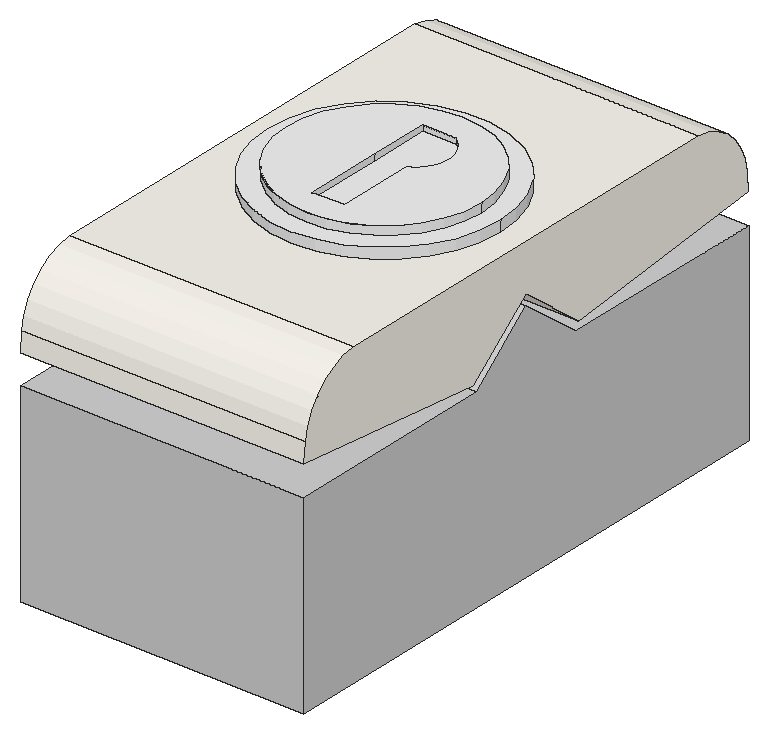
Revit family "Domotics-DomesticRanges-GEWISS-CHORUS_COMMAND-TWO-WAY_SWITCH_KEY", category Apparecchi elettrici, host Superficie, Revit 2016
Family settings
  Host = Superficie
  Mantenere orientamento annotazione = Sì
  Tipo di parte = Normale
  Quota connettore circolare = Usa diametro
  Numero OmniClass = 23.80.50.11.14
  Titolo OmniClass = Switches
  Taglio con vuoti quando caricato = Sì
  Condiviso = Sì
  Punto di calcolo locali = No
Parameters (values of type "GW14054 - Titanium")
  Wiring terminals = "With screw"
  Voltage: = "250 V ac"
  Voltage = "250 V ac"
  Volt = 0 V
  Vista di pianta [instance] = yes
  Version file RFA = "19.0"
  URL = "https://www.gewiss.com/ww/en"
  Type = "With key"
  Tipo_ = CHORUS DEVIATORI CHIAVE_BASE : GW14061 - Titanio
  Thermo-pressure with ball = "125 °C"
  Terminal tightening capacity rigid cables (mm2) = "min. 0,5 - max. 2x2,5"
  Terminal tightening capacity flexible cables (mm2) = "min. 0,75 - max. 2x4"
  Terminal grip on cable traction = "> 50 N"
  Technical sheet = "https://www.gewiss.com/ww/en/search?q=GW14054"
  Standard; = "EN 60669-1"
  Simbolo_ = SIMBOLO DEVIATORI : DEVCHIAVE
  SIMBOLO [instance] = yes
  SEO = "2 way switch"
  Resistance at test voltage = "2000 V at 50 Hz for 1 minute"
  Realized by GEWISS S.p.A. = ""
  Prolonged operation (no.of position changes) = "40.000 at In 250 V ac cosØ=0,6"
  Produttore = "GEWISS S.p.A."
  Offset deviatore [instance] = 0 mm
  Offset bidimensionalex [instance] = 2 mm
  Number of poles = "1P"
  No. Chorus modules = "1"
  N. poli = 1
  Modello = "GW14054"
  Larghezza pulsante = 23 mm
  Insulation resistance = "> 5 MOhm"
  IFC.TypeObject = ""
  IFC.ExportType = ""
  IFC.ExportAs = ""
  IDT = "87a1b13b-5b5d-48cb-a79c-a5601666f571"
  IDF = "88627a10-5ec9-49c3-962b-3012fe1a470f"
  Glow Wire Test = "850°C"
  Electrocod = "0130"
  EAN code = "8011564265578"
  Distanza_x [instance] = 0 mm
  Distanza_effettiva_x [instance] = 1500 mm - Distanza_x  # 1500 mm
  Default Elevation = 1219.2 mm
  Immagine tipo = GW14054.jpg
  Descrizione = "2-WAY SWITCH 1M 1P 10AX+KEY, TITANIUM"
  Description: = "1P - 10AX"
  Colour = "Titanium"
  Category = "Two-way switch"
  Catalogue Range = "CHORUS - DOMESTIC RANGE"
  Catalogue = "DOMOTICS"
  Carico apparente = 0 VA
  COBie.Tagnumber = ""
  COBie.CreatedOn = ""
  COBie.CreatebBy = ""
  COBie.ComponentRegisterItemID = ""
  COBie.Component.TagNumber = ""
  COBie.Component.Space = ""
  COBie.Component.SerialNumber = ""
  COBie.Component.InstallationDate = ""
  COBie.Component.Description = ""
  COBie.Component.BarCode = ""
  Button key = "With key"
  Breaking capacity: = "1.25 In (200 position changes)"
Types (3, lengths in mm): name | Tipo_ | Technical sheet | Modello | IDT | EAN code | Immagine tipo | Descrizione | Colour
  GW12054 - Black | CHORUS DEVIATORI CHIAVE_BASE : GW12061 - Nero | "https://www.gewiss.com/ww/en/search?q=GW12054" | "GW12054" | "c85e47f2-9299-41f1-91f6-f7d2f65b9a58" | "8011564268036" | GW12054.jpg | "2-WAY SWITCH, 1M 1P 10AX+KEY, BLACK" | "Black"
  GW10054 - White | CHORUS DEVIATORI CHIAVE_BASE : GW10061 - Bianco | "https://www.gewiss.com/ww/en/search?q=GW10054" | "GW10054" | "c5345c29-9258-448f-89d3-aae504658829" | "8011564261822" | GW10054.jpg | "2-WAY SWITCH, 1M 1P 10AX + KEY, WHITE" | "White"
  GW14054 - Titanium | CHORUS DEVIATORI CHIAVE_BASE : GW14061 - Titanio | "https://www.gewiss.com/ww/en/search?q=GW14054" | "GW14054" | "87a1b13b-5b5d-48cb-a79c-a5601666f571" | "8011564265578" | GW14054.jpg | "2-WAY SWITCH 1M 1P 10AX+KEY, TITANIUM" | "Titanium"
Reference planes
  plane 1 "Centro (Fronte/Retro)": y = 0
  plane 2: z = 0
  plane 3 "Centro (Sinistra/Destra)": x = 0
  plane 4: z = 0
  plane 5 "piano bidimensionale": z = 28
  plane 6: x = -11.5
  plane 7: x = 11.5
  plane 8: z = 26
  plane 9: x = -1500
  plane 10: x = 0
  plane 11: y = 50
Lines and regions (mm)
  Masking region 1, visible <- "Vista di pianta"
    outline origin (0, 0, 0) x (1, 0, 0) y (0, 0, 1)
      loop
        line (-11.5, 26) -> (-11.5, 0) -> (11.5, 0) -> (11.5, 26) -> (-11.5, 26)
  Masking region 2, detail levels coarse
    outline origin (0, 0, 28) x (0, -1, 0) y (1, 0, 0)
      loop
        line (-22.5, -11.5) -> (22.5, -11.5) -> (22.5, 11.5) -> (-22.5, 11.5) -> (-22.5, -11.5)
  model lines, style "pulsanti", detail levels coarse
    curve 1: line (-11.5, 22.5, 28) -> (11.5, 22.5, 28)
    curve 2: line (-11.5, -22.5, 28) -> (-11.5, 22.5, 28)
    curve 3: line (11.5, -22.5, 28) -> (-11.5, -22.5, 28)
    curve 4: line (11.5, 22.5, 28) -> (11.5, -22.5, 28)
    curve 5: arc (-9.447, 0, 28) -> (0, -9.447, 28) -> (9.447, 0, 28) r 9.447
    curve 6: arc (-7.891, 0, 28) -> (0, -7.891, 28) -> (7.891, 0, 28) r 7.891
    curve 7: arc (7.891, 0, 28) -> (0, 7.891, 28) -> (-7.891, 0, 28) r 7.891
    curve 8: arc (9.447, 0, 28) -> (0, 9.447, 28) -> (-9.447, 0, 28) r 9.447
    curve 9: arc (1.321, 0.666, 28) -> (2.778, 3.111, 28) -> (1.32, 5.555, 28) r 2.778
    curve 10: line (1.32, 5.555, 28) -> (-1.32, 5.555, 28)
    curve 11: line (-1.32, 5.555, 28) -> (-1.32, 0.665, 28)
    curve 12: line (-1.32, 0.665, 28) -> (-1.32, -5.649, 28)
    curve 13: line (1.321, -5.649, 28) -> (1.321, 0.666, 28)
    curve 14: line (-1.32, -5.649, 28) -> (1.321, -5.649, 28)
  model lines, style "pulsanti", not visible, detail levels coarse
    curve 15: line (-11.5, 22.5, 58) -> (11.5, 22.5, 58)
    curve 16: line (-11.5, -22.5, 58) -> (-11.5, 22.5, 58)
    curve 17: line (11.5, -22.5, 58) -> (-11.5, -22.5, 58)
    curve 18: line (11.5, 22.5, 58) -> (11.5, -22.5, 58)
    curve 19: arc (-9.447, 0, 58) -> (0, -9.447, 58) -> (9.447, 0, 58) r 9.447
    curve 20: arc (-7.891, 0, 58) -> (0, -7.891, 58) -> (7.891, 0, 58) r 7.891
    curve 21: arc (7.891, 0, 58) -> (0, 7.891, 58) -> (-7.891, 0, 58) r 7.891
    curve 22: arc (9.447, 0, 58) -> (0, 9.447, 58) -> (-9.447, 0, 58) r 9.447
    curve 23: arc (1.321, 0.666, 58) -> (2.778, 3.111, 58) -> (1.32, 5.555, 58) r 2.778
    curve 24: line (1.32, 5.555, 58) -> (-1.32, 5.555, 58)
    curve 25: line (-1.32, 5.555, 58) -> (-1.32, 0.665, 58)
    curve 26: line (-1.32, 0.665, 58) -> (-1.32, -5.649, 58)
    curve 27: line (1.321, -5.649, 58) -> (1.321, 0.666, 58)
    curve 28: line (-1.32, -5.649, 58) -> (1.321, -5.649, 58)
Dimensions and locks
  "Offset deviatore": plane 4 to host face
  equal spacing: plane 6, plane 3 "Centro (Sinistra/Destra)", plane 7
  "Larghezza pulsante": plane 6 to plane 7
  locked: plane 8 to plane 4 at 26
  plane 9 to plane 3 "Centro (Sinistra/Destra)" = 1500 mm
  "Distanza_effettiva_x": plane 9 to plane 10
  plane 11 to plane 1 "Centro (Fronte/Retro)" = 50 mm
  "Offset bidimensionalex": plane 5 "piano bidimensionale" to plane 8
  aligned and locked: plane 2 to host face
  aligned and locked: level to host face
  aligned and locked: plane 5 "piano bidimensionale" to curve 4
  aligned and locked: nested 1 to plane 4
  aligned and locked: Masking region 1 sketch curve to plane 8
  aligned and locked: Masking region 1 sketch curve to nested 1
  aligned and locked: plane 6 to Masking region 1 sketch curve
  aligned and locked: plane 4 to Masking region 1 sketch curve
  aligned and locked: plane 10 to nested 2
  aligned and locked: nested 2 to plane 11
  aligned and locked: Masking region 2 sketch curve to plane 6
  aligned and locked: Masking region 2 sketch curve to plane 7
  aligned and locked: Masking region 2 sketch curve to nested 1  (x2)
Automatic sketch dimensions
  host sketch curve to host sketch curve = 2438.4 mm  (x2)
Nested families
  nested 1: "CHORUS DEVIATORI CHIAVE_BASE" at (0, 0, 0), type <- "Tipo_", type "GW14061 - Titanio", detail levels medium+fine
  nested 2: "SIMBOLO DEVIATORI" at (0, 50, 0), type <- "Simbolo_", SIMBOLO <- "SIMBOLO", type "DEVCHIAVE"
    with Distanza dal muro 4.208 mm, BORDO ACCESO yes
Connectors
  electrical at (0, 0, 0), driven by "N. poli", driven by "Volt", driven by "Carico apparente"
    settings: on nested 1, index 1, voltage 0 V, apparent load 0 VA, apparent load phase1 0 VA, apparent load phase2 0 VA, apparent load phase3 0 VA, power factor 1, load classification "Other", number of poles 1, system type 31, power factor state 1, is connector primary yes, connector utility no, sub classification motor no, connector description ""
Definition of nested family "CHORUS DEVIATORI CHIAVE_BASE"
  Parameters (values of type "GW12061 - Nero")
    Supporto = none
    Pulsante = none
    Profondità suporto = 15.673 mm
    Larghezza pulsante = 23 mm
    Chiave = none
    Bidimensionale = 36.414 mm
    Altezza pulsante = 45 mm
  Types (3): name
    GW12061 - Nero
    GW14061 - Titanio
    GW10061 - Bianco
  Reference planes
    plane 1 "Centro (Fronte/Retro)": y = 0
    plane 2: z = 0
    plane 3 "Centro (Sinistra/Destra)": x = 0
    plane 4: y = -22.5
    plane 5: y = 22.5
    plane 6: x = -11.5
    plane 7: x = 11.5
    plane 8: z = 15.673
    plane 9 "PIANO BIDIMENSIONALE": z = 36.414
    plane 10: z = 25.218
  Forms (mm)
    Extrusion 1, solid, material <- "Supporto"
      sketch origin (0, 0, 0) x (0, 1, 0) y (0, 0, 1)
        loop
          line (-22.5, 0) -> (22.5, 0) -> (22.5, 15.673) -> (5, 15.673) -> (0, 19.673) -> (-5, 15.673) -> (-22.5, 15.673) -> (-22.5, 0)
      from -11.5 to 11.5
    Extrusion 2, solid, material <- "Pulsante"
      sketch origin (0, -1.516, 0.116) x (0, 0.994522, -0.104528) y (0, 0.104528, 0.994522)
        loop
          line (-22.747, 15.673) -> (-5.514, 15.673) -> (-0.63, 20.499) -> (5.151, 16.793) -> (22.007, 20.376) -> (21.688, 21.878)
          arc (21.688, 21.878) -> (19.794, 24.951) -> (16.382, 26.13) r 5.368
          arc (16.382, 26.13) -> (-1.116, 25.123) -> (-18.441, 22.47) r 185.543
          arc (-18.441, 22.47) -> (-21.533, 20.607) -> (-22.747, 17.207) r 5.368
          line (-22.747, 17.207) -> (-22.747, 15.673)
      from -11.5 to 11.5
    Extrusion 3, solid, material <- "Pulsante", not visible, detail levels medium+fine
      sketch origin (0, 0, 0) x (0, 1, 0) y (0, 0, 1)
        loop
          line (-22.5, 15.673) -> (-5.8, 15.673) -> (0, 20.313) -> (6.657, 17.02) -> (22.519, 20.482) -> (22.148, 22.183)
          arc (22.148, 22.183) -> (19.948, 25.458) -> (16.125, 26.433) r 5.53
          arc (16.125, 26.433) -> (-1.159, 25.53) -> (-18.194, 22.47) r 137.99
          arc (-18.194, 22.47) -> (-21.286, 20.607) -> (-22.5, 17.207) r 5.368
          line (-22.5, 17.207) -> (-22.5, 15.673)
      from -11.5 to 11.5
    Extrusion 4, void, not visible, detail levels medium+fine
      sketch origin (0, 0, 0) x (0, 1, 0) y (0, 0, 1)
        loop
          arc (-20, 19.947) -> (-16.844, 20.738) -> (-13.67, 21.455) r 135.99
          line (-13.67, 21.455) -> (-13.67, 23.499)
          arc (-13.67, 23.499) -> (-15.936, 23.003) -> (-18.194, 22.47) r 137.99
          arc (-18.194, 22.47) -> (-19.13, 22.19) -> (-20, 21.745) r 5.368
          line (-20, 21.745) -> (-20, 19.947)
      from 3.779 to 10.113
    Extrusion 5, solid, material <- "Pulsante", not visible, detail levels medium+fine
      sketch origin (0, -125, 0) x (0, 1, 0) y (0, 0, 1)
        loop
          line (-22.5, 15.673) -> (-5.8, 15.673) -> (0, 20.313) -> (6.657, 17.02) -> (22.519, 20.482) -> (22.148, 22.183)
          arc (22.148, 22.183) -> (19.948, 25.458) -> (16.125, 26.433) r 5.53
          arc (16.125, 26.433) -> (-1.159, 25.53) -> (-18.194, 22.47) r 137.99
          arc (-18.194, 22.47) -> (-21.286, 20.607) -> (-22.5, 17.207) r 5.368
          line (-22.5, 17.207) -> (-22.5, 15.673)
      from -11.5 to 11.5
    Extrusion 6, void, not visible
      sketch origin (0, -125, 0) x (0, 1, 0) y (0, 0, 1)
        loop
          arc (-6.8, 24.76) -> (-12.521, 23.735) -> (-18.194, 22.47) r 137.99
          arc (-18.194, 22.47) -> (-19.13, 22.19) -> (-20, 21.745) r 5.368
          line (-20, 21.745) -> (-20, 19.947)
          arc (-20, 19.947) -> (-13.435, 21.505) -> (-6.8, 22.735) r 135.99
          line (-6.8, 22.735) -> (-6.8, 24.76)
      from 5.4 to 8.1
    Extrusion 7, solid, not visible, detail levels medium+fine
      sketch origin (0, -125, 0) x (0, 1, 0) y (0, 0, 1)
        loop
          arc (-20, 19.947) -> (-13.435, 21.505) -> (-6.8, 22.735) r 135.99
          line (-6.8, 22.735) -> (-6.8, 23.748)
          arc (-6.8, 23.748) -> (-13.434, 22.527) -> (-20, 20.98) r 136.99
          line (-20, 20.98) -> (-20, 19.947)
      from 5.4 to 8.1
    Extrusion 8, solid, material <- "Chiave", detail levels medium+fine
      sketch origin (0, 0, 36.414) x (-1, 0, 0) y (0, -1, 0)
        loop
          circle (0, 0) r 9.447
      from -13.105 to -11.196
    Extrusion 9, solid, material <- "Chiave"
      sketch origin (0, 0, 36.414) x (-1, 0, 0) y (0, -1, 0)
        loop
          circle (0, 0) r 7.891
      from -11.196 to -10.5
    Extrusion 10, void, detail levels medium+fine
      sketch origin (0, 0, 36.414) x (-1, 0, 0) y (0, -1, 0)
        loop
          line (-1.321, 5.649) -> (-1.321, -0.666)
          arc (-1.321, -0.666) -> (-2.778, -3.111) -> (-1.32, -5.555) r 2.778
          line (-1.32, -5.555) -> (1.32, -5.555) -> (1.32, -0.665) -> (1.32, 5.649) -> (-1.321, 5.649)
      from -10.942 to -10.5
    Extrusion 11, solid, material <- "Chiave", not visible
      sketch origin (0, 0, 36.414) x (-1, 0, 0) y (0, -1, 0)
        loop
          circle (0, 0) r 9.447
      from -13.105 to -11.196
    Extrusion 12, solid, material <- "Chiave", not visible
      sketch origin (0, 0, 36.414) x (-1, 0, 0) y (0, -1, 0)
        loop
          circle (0, 0) r 7.891
      from -11.196 to -10.5
    Extrusion 13, void, not visible
      sketch origin (0, 0, 36.414) x (-1, 0, 0) y (0, -1, 0)
        loop
          line (-1.321, 5.649) -> (-1.321, -0.666)
          arc (-1.321, -0.666) -> (-2.778, -3.111) -> (-1.32, -5.555) r 2.778
          line (-1.32, -5.555) -> (1.32, -5.555) -> (1.32, -0.665) -> (1.32, 5.649) -> (-1.321, 5.649)
      from -10.566 to -10
  Cuts and joins
    Extrusion 10 cuts Extrusion 9
  Lines and regions (mm)
    Masking region 1, not visible
      outline origin (40.306, 0, 36.414) x (-1, 0, 0) y (0, -1, 0)
        loop
          line (51.806, -22.5) -> (51.806, 22.5) -> (28.806, 22.5) -> (28.806, -22.5) -> (51.806, -22.5)
        loop
          line (34.906, 6.8) -> (34.906, 20) -> (32.206, 20) -> (32.206, 6.8) -> (34.906, 6.8)
    Masking region 2, not visible
      outline origin (40.306, 0, 36.414) x (-1, 0, 0) y (0, -1, 0)
        loop
          line (34.906, 6.8) -> (34.906, 20) -> (32.206, 20) -> (32.206, 6.8) -> (34.906, 6.8)
    Masking region 3, not visible
      outline origin (0, 0, 36.414) x (-1, 0, 0) y (0, -1, 0)
        loop
          line (51.806, -22.5) -> (51.806, 22.5) -> (28.806, 22.5) -> (28.806, -22.5) -> (51.806, -22.5)
        loop
          line (36.528, 13.67) -> (36.528, 20.004) -> (30.193, 20.004) -> (30.193, 13.67) -> (36.528, 13.67)
    Masking region 4, not visible
      outline origin (0, 0, 36.414) x (-1, 0, 0) y (0, -1, 0)
        loop
          line (36.528, 13.67) -> (36.528, 20.004) -> (30.193, 20.004) -> (30.193, 13.67) -> (36.528, 13.67)
    Masking region 5
      outline origin (37.181, 0, 36.414) x (-1, 0, 0) y (0, -1, 0)
        loop
          circle (37.181, 0) r 9.447
        loop
          circle (37.181, 0) r 7.891
    Masking region 6
      outline origin (37.181, 0, 36.414) x (-1, 0, 0) y (0, -1, 0)
        loop
          circle (37.181, 0) r 7.891
        loop
          line (38.501, -0.665) -> (38.501, 5.649) -> (35.86, 5.649) -> (35.86, -0.666)
          arc (35.86, -0.666) -> (34.403, -3.111) -> (35.862, -5.555) r 2.778
          line (35.862, -5.555) -> (38.501, -5.555) -> (38.501, -0.665)
    Masking region 7
      outline origin (37.181, 0, 36.414) x (-1, 0, 0) y (0, -1, 0)
        loop
          line (38.501, -5.555) -> (38.501, -0.665) -> (38.501, 5.649) -> (35.86, 5.649) -> (35.86, -0.666)
          arc (35.86, -0.666) -> (34.403, -3.111) -> (35.862, -5.555) r 2.778
          line (35.862, -5.555) -> (38.501, -5.555)
    Masking region 8
      outline origin (0, 0, 36.414) x (-1, 0, 0) y (0, -1, 0)
        loop
          line (11.5, -22.5) -> (11.5, 22.5) -> (-11.5, 22.5) -> (-11.5, -22.5) -> (11.5, -22.5)
        loop
          circle (0, 0) r 9.447
  Dimensions and locks
    equal spacing: plane 4, plane 1 "Centro (Fronte/Retro)", plane 5
    plane 4 to plane 5 = 45 mm
    equal spacing: plane 6, plane 3 "Centro (Sinistra/Destra)", plane 7
    "Larghezza pulsante": plane 6 to plane 7
    equal spacing: plane 5, plane 1 "Centro (Fronte/Retro)", plane 4
    "Altezza pulsante": plane 5 to plane 4
    "Profondità suporto": plane 8 to plane 2
    "Bidimensionale": plane 9 "PIANO BIDIMENSIONALE" to level
    aligned and locked: level to plane 2
    aligned and locked: Extrusion 1 sketch curve to plane 4
    aligned and locked: plane 5 to Extrusion 1 sketch curve
    aligned and locked: Extrusion 1 sketch curve to plane 2
    aligned and locked: Extrusion 1 to plane 6
    aligned and locked: plane 7 to Extrusion 1
    aligned and locked: Masking region 8 sketch curve to Extrusion 1  (x4)
    aligned and locked: Extrusion 8 to plane 10
    aligned and locked: Extrusion 9 to Extrusion 8
    aligned and locked: Extrusion 9 to Extrusion 10
  Automatic sketch dimensions
    Masking region 1 sketch curve to Masking region 1 sketch curve = 3.4 mm
    Masking region 1 sketch curve to Masking region 1 sketch curve = 2.7 mm
    Masking region 2 sketch curve to Masking region 2 sketch curve = 2.7 mm
    Masking region 1 sketch curve to Masking region 1 sketch curve = 23 mm
    Masking region 1 sketch curve to Masking region 1 sketch curve = 29.3 mm
    Masking region 1 sketch curve to Masking region 1 sketch curve = 13.2 mm
    Masking region 1 sketch curve to Masking region 1 sketch curve = 2.5 mm
    Masking region 2 sketch curve to Masking region 2 sketch curve = 13.2 mm
    Masking region 3 sketch curve to Masking region 3 sketch curve = 1.387 mm
    Masking region 3 sketch curve to Masking region 3 sketch curve = 6.335 mm  (x2)
    Masking region 3 sketch curve to Masking region 3 sketch curve = 23 mm
    Masking region 4 sketch curve to Masking region 4 sketch curve = 6.335 mm  (x2)
    Masking region 3 sketch curve to Masking region 3 sketch curve = 36.17 mm
    Masking region 3 sketch curve to Masking region 3 sketch curve = 2.496 mm
    plane 8 to Extrusion 1 sketch curve = 0 mm  (x2)
    Extrusion 1 sketch curve to plane 1 "Centro (Fronte/Retro)" = 0 mm
    Extrusion 1 sketch curve to plane 1 "Centro (Fronte/Retro)" = 5 mm
    Extrusion 1 sketch curve to plane 8 = 4 mm
    Extrusion 3 sketch curve to Extrusion 3 sketch curve = 1.243 mm
    Extrusion 4 sketch curve to Extrusion 4 sketch curve = 1.754 mm
    Extrusion 4 sketch curve to Extrusion 4 sketch curve = 0 mm  (x4)
    Extrusion 3 sketch curve to Extrusion 3 sketch curve = 5.368 mm
    Extrusion 3 sketch curve to Extrusion 3 sketch curve = 11.331 mm
    Extrusion 3 sketch curve to Extrusion 3 sketch curve = 5.8 mm
    Extrusion 3 sketch curve to Extrusion 3 sketch curve = 6.657 mm
    Extrusion 3 sketch curve to Extrusion 3 sketch curve = 8.016 mm
    Extrusion 3 sketch curve to Extrusion 3 sketch curve = 10.103 mm
    Extrusion 3 sketch curve to Extrusion 3 sketch curve = 5.388 mm
    Extrusion 3 sketch curve to Extrusion 3 sketch curve = 0.371 mm
    Extrusion 3 sketch curve to Extrusion 3 sketch curve = 127.222 mm
    Extrusion 3 sketch curve to Extrusion 3 sketch curve = 1.347 mm
    Extrusion 3 sketch curve to Extrusion 3 sketch curve = 1.535 mm
    Extrusion 3 sketch curve to Extrusion 3 sketch curve = 3.293 mm
    Extrusion 3 sketch curve to Extrusion 3 sketch curve = 3.462 mm
    Extrusion 3 sketch curve to Extrusion 3 sketch curve = 1.062 mm
    Extrusion 4 sketch curve to Extrusion 4 sketch curve = 2.868 mm
    Extrusion 4 sketch curve to Extrusion 4 sketch curve = 6.33 mm
    Extrusion 4 sketch curve to Extrusion 4 sketch curve = 31.805 mm
    Extrusion 4 sketch curve to Extrusion 4 sketch curve = 128.756 mm
    Extrusion 4 sketch curve to Extrusion 4 sketch curve = 2.739 mm
    Extrusion 4 sketch curve to Extrusion 4 sketch curve = 1.799 mm
    Extrusion 5 sketch curve to Extrusion 5 sketch curve = 1.243 mm
    Extrusion 7 sketch curve to Extrusion 7 sketch curve = 1.013 mm
    Extrusion 7 sketch curve to Extrusion 7 sketch curve = 0 mm  (x4)
    Extrusion 5 sketch curve to Extrusion 5 sketch curve = 5.368 mm
    Extrusion 5 sketch curve to Extrusion 5 sketch curve = 11.331 mm
    Extrusion 5 sketch curve to Extrusion 5 sketch curve = 5.8 mm
    Extrusion 5 sketch curve to Extrusion 5 sketch curve = 6.657 mm
    Extrusion 5 sketch curve to Extrusion 5 sketch curve = 8.016 mm
    Extrusion 5 sketch curve to Extrusion 5 sketch curve = 10.103 mm
    Extrusion 5 sketch curve to Extrusion 5 sketch curve = 5.388 mm
    Extrusion 5 sketch curve to Extrusion 5 sketch curve = 0.371 mm
    Extrusion 5 sketch curve to Extrusion 5 sketch curve = 127.222 mm
    Extrusion 5 sketch curve to Extrusion 5 sketch curve = 1.347 mm
    Extrusion 5 sketch curve to Extrusion 5 sketch curve = 1.535 mm
    Extrusion 5 sketch curve to Extrusion 5 sketch curve = 3.293 mm
    Extrusion 5 sketch curve to Extrusion 5 sketch curve = 3.462 mm
    Extrusion 5 sketch curve to Extrusion 5 sketch curve = 1.062 mm
    Extrusion 7 sketch curve to Extrusion 7 sketch curve = 13.2 mm
    Extrusion 7 sketch curve to Extrusion 7 sketch curve = 34.673 mm
    Extrusion 7 sketch curve to Extrusion 7 sketch curve = 131.496 mm
    Extrusion 6 sketch curve to Extrusion 6 sketch curve = 0 mm  (x4)
    Extrusion 6 sketch curve to Extrusion 6 sketch curve = 2.739 mm
    Extrusion 6 sketch curve to Extrusion 6 sketch curve = 1.799 mm
    Extrusion 6 sketch curve to Extrusion 6 sketch curve = 2.025 mm
    Extrusion 6 sketch curve to Extrusion 6 sketch curve = 2.868 mm
    Extrusion 6 sketch curve to Extrusion 6 sketch curve = 10.332 mm
    Extrusion 6 sketch curve to Extrusion 6 sketch curve = 31.805 mm
    Extrusion 6 sketch curve to Extrusion 6 sketch curve = 128.756 mm
    plane 1 "Centro (Fronte/Retro)" to Extrusion 1 sketch curve = 5 mm
    Extrusion 2 sketch curve to plane 4 = 0 mm
    Extrusion 2 sketch curve to plane 1 "Centro (Fronte/Retro)" = 0 mm  (x2)
    Extrusion 2 sketch curve to plane 5 = 0 mm
    Extrusion 2 sketch curve to plane 8 = 2.408 mm
    Extrusion 2 sketch curve to Extrusion 2 sketch curve = 5.368 mm
    Extrusion 2 sketch curve to Extrusion 2 sketch curve = 4.884 mm
    Extrusion 2 sketch curve to Extrusion 2 sketch curve = 5.781 mm
    Extrusion 2 sketch curve to Extrusion 2 sketch curve = 5.251 mm
    Extrusion 2 sketch curve to Extrusion 2 sketch curve = 0.319 mm
    Extrusion 2 sketch curve to Extrusion 2 sketch curve = 3.706 mm
    Extrusion 2 sketch curve to Extrusion 2 sketch curve = 1.535 mm
    Extrusion 2 sketch curve to Extrusion 2 sketch curve = 1.116 mm
    Extrusion 2 sketch curve to Extrusion 2 sketch curve = 1.062 mm
    Extrusion 2 sketch curve to Extrusion 2 sketch curve = 0.055 mm
    Extrusion 2 sketch curve to Extrusion 2 sketch curve = 0 mm  (x2)
    plane 1 "Centro (Fronte/Retro)" to Masking region 6 sketch curve = 0 mm
    plane 6 to Masking region 6 sketch curve = 11.5 mm
    Masking region 6 sketch curve to Masking region 6 sketch curve = 7.891 mm
    Masking region 6 sketch curve to plane 1 "Centro (Fronte/Retro)" = 0.665 mm
    Masking region 6 sketch curve to Masking region 6 sketch curve = 1.32 mm  (x2)
    plane 1 "Centro (Fronte/Retro)" to Masking region 6 sketch curve = 5.649 mm
    Masking region 6 sketch curve to Masking region 6 sketch curve = 2.639 mm
    Masking region 6 sketch curve to Masking region 6 sketch curve = 2.445 mm
    Masking region 6 sketch curve to plane 1 "Centro (Fronte/Retro)" = 0.666 mm
    Masking region 6 sketch curve to Masking region 6 sketch curve = 2.641 mm
    Masking region 7 sketch curve to plane 1 "Centro (Fronte/Retro)" = 5.555 mm
    plane 6 to Masking region 7 sketch curve = 10.18 mm
    Masking region 7 sketch curve to Masking region 7 sketch curve = 2.639 mm
    Masking region 7 sketch curve to plane 1 "Centro (Fronte/Retro)" = 0.665 mm
    plane 1 "Centro (Fronte/Retro)" to Masking region 7 sketch curve = 5.649 mm
    Masking region 7 sketch curve to Masking region 7 sketch curve = 2.641 mm
    Masking region 7 sketch curve to plane 1 "Centro (Fronte/Retro)" = 0.666 mm
    Masking region 7 sketch curve to Masking region 7 sketch curve = 1.32 mm
    Masking region 8 sketch curve to Masking region 8 sketch curve = 0 mm  (x2)
    plane 1 "Centro (Fronte/Retro)" to Masking region 8 sketch curve = 0 mm
    Masking region 8 sketch curve to plane 3 "Centro (Sinistra/Destra)" = 0 mm
    Masking region 8 sketch curve to plane 7 = 2.053 mm
    Extrusion 10 sketch curve to Extrusion 10 sketch curve = 2.444 mm
    Extrusion 8 sketch curve to Extrusion 8 sketch curve = 9.447 mm
    Extrusion 9 sketch curve to Extrusion 9 sketch curve = 7.891 mm
    Extrusion 10 sketch curve to Extrusion 10 sketch curve = 0.002 mm
    Extrusion 10 sketch curve to Extrusion 10 sketch curve = 1.32 mm
    Extrusion 10 sketch curve to Extrusion 10 sketch curve = 2.639 mm
    Extrusion 10 sketch curve to Extrusion 10 sketch curve = 0.001 mm
    Extrusion 10 sketch curve to Extrusion 10 sketch curve = 6.315 mm
    Extrusion 13 sketch curve to Extrusion 13 sketch curve = 2.444 mm
    Extrusion 11 sketch curve to Extrusion 11 sketch curve = 9.447 mm
    Extrusion 12 sketch curve to Extrusion 12 sketch curve = 7.891 mm
    Extrusion 13 sketch curve to Extrusion 13 sketch curve = 0.002 mm
    Extrusion 13 sketch curve to Extrusion 13 sketch curve = 1.32 mm
    Extrusion 13 sketch curve to Extrusion 13 sketch curve = 2.639 mm
    Extrusion 13 sketch curve to Extrusion 13 sketch curve = 0.001 mm
    Extrusion 13 sketch curve to Extrusion 13 sketch curve = 6.315 mm
    Extrusion 8 sketch curve to Extrusion 8 sketch curve = 0 mm  (x2)
    plane 1 "Centro (Fronte/Retro)" to Extrusion 8 sketch curve = 0 mm
    Extrusion 8 sketch curve to plane 3 "Centro (Sinistra/Destra)" = 0 mm
    Extrusion 9 sketch curve to Extrusion 9 sketch curve = 0 mm  (x2)
    plane 1 "Centro (Fronte/Retro)" to Extrusion 9 sketch curve = 0 mm
    Extrusion 9 sketch curve to plane 3 "Centro (Sinistra/Destra)" = 0 mm
    Extrusion 10 sketch curve to plane 3 "Centro (Sinistra/Destra)" = 0 mm
    Extrusion 10 sketch curve to plane 1 "Centro (Fronte/Retro)" = 5.555 mm
    Extrusion 11 sketch curve to Extrusion 11 sketch curve = 0 mm  (x2)
    Extrusion 12 sketch curve to Extrusion 12 sketch curve = 0 mm  (x2)
Definition of nested family "SIMBOLO DEVIATORI"
  Parameters (values of type "DEVDOPPIO")
    Simbolo = SIMBOLO DEVIATORI_BASE : DEVDOPPIO
    SIMBOLO [instance] = yes
    Distanza dal muro [instance] = 4.208 mm
    BORDO ACCESO [instance] = yes
  Types (4, lengths in mm): name | Simbolo
    DEV1P | SIMBOLO DEVIATORI_BASE : DEV1P
    DEV1PLUM | SIMBOLO DEVIATORI_BASE : DEV1PLUM
    DEVCHIAVE | SIMBOLO DEVIATORI_BASE : DEVCHIAVE
    DEVDOPPIO | SIMBOLO DEVIATORI_BASE : DEVDOPPIO
  Reference planes
    plane 1: y = 0
    plane 2: x = 0
  Dimensions and locks
    aligned and locked: plane 2 to nested 1
    aligned and locked: plane 1 to nested 1
  Nested families
    nested 1: "SIMBOLO DEVIATORI_BASE" at (0, 0, 0), type <- "Simbolo", BORDO ACCESO <- "BORDO ACCESO", visible <- "SIMBOLO", type "DEVDOPPIO"
      with BORDO ACCESO yes
  Definition of nested family "SIMBOLO DEVIATORI_BASE"
    Parameters (values of type "DEVDOPPIO")
      chiave = no
      DEVDOPPIO = yes
      DEV1PLUM = no
      DEV1P = no
      Distanza dal muro = 4.208 mm
      BORDO ACCESO [instance] = yes
    Types (4, lengths in mm): name | chiave | DEVDOPPIO | DEV1PLUM | DEV1P
      DEV1P | no | no | no | yes
      DEV1PLUM | no | no | yes | yes
      DEVCHIAVE | yes | no | no | yes
      DEVDOPPIO | no | yes | no | no
    Reference planes
      plane 1: y = 0
      plane 2: x = 0
    Lines and regions (mm)
      detail lines, visible <- "DEV1P"
        curve 1: circle (0, 1.25, 0) r 0.389 normal (0, 0, 1)
        curve 2: line (0.223, 1.568, 0) -> (0.567, 2.059, 0)
        curve 3: line (0.567, 2.059, 0) -> (0.838, 1.865, 0)
        curve 4: line (-0.223, 0.932, 0) -> (-0.567, 0.441, 0)
        curve 5: line (-0.567, 0.441, 0) -> (-0.838, 0.635, 0)
      detail lines, visible <- "DEV1PLUM"
        curve 6: line (-0.275, 1.525, 0) -> (0.275, 0.975, 0)
        curve 7: line (0.275, 1.525, 0) -> (-0.275, 0.975, 0)
      detail lines, visible <- "chiave"
        curve 8: line (0, 1.525, 0) -> (0, 0.975, 0)
      detail lines, visible <- "DEVDOPPIO"
        curve 9: circle (-0.355, 1.267, 0) r 0.223 normal (0, 0, 1)
        curve 10: line (-0.227, 1.45, 0) -> (-0.029, 1.732, 0)
        curve 11: line (-0.029, 1.732, 0) -> (0.127, 1.621, 0)
        curve 12: line (-0.483, 1.083, 0) -> (-0.681, 0.801, 0)
        curve 13: line (-0.681, 0.801, 0) -> (-0.837, 0.912, 0)
        curve 14: circle (-0.355, 1.267, 0) r 0.223 normal (0, 0, 1)
        curve 15: line (-0.227, 1.45, 0) -> (-0.029, 1.732, 0)
        curve 16: line (-0.029, 1.732, 0) -> (0.127, 1.621, 0)
        curve 17: line (-0.483, 1.083, 0) -> (-0.681, 0.801, 0)
        curve 18: line (-0.681, 0.801, 0) -> (-0.837, 0.912, 0)
        curve 19: circle (0.346, 1.267, 0) r 0.223 normal (0, 0, 1)
        curve 20: line (0.474, 1.45, 0) -> (0.672, 1.732, 0)
        curve 21: line (0.672, 1.732, 0) -> (0.828, 1.621, 0)
        curve 22: line (0.218, 1.083, 0) -> (0.02, 0.801, 0)
        curve 23: line (0.02, 0.801, 0) -> (-0.136, 0.912, 0)
